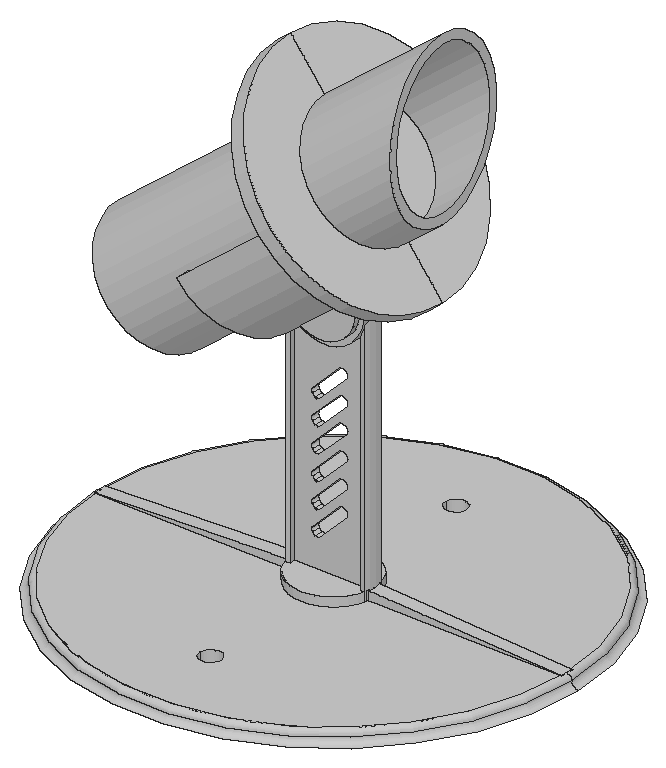
Revit family "SMALL UNDERWATER_LKPB0158CW.20", category Luminarias, Revit 2019
Family settings
  Cota de conector redondo = Diámetro de uso
  Tipo de pieza = Normal
  Se basa en plano de trabajo = Sí
  Siempre vertical = No
  Corte con vacíos al cargar = No
  Origen de luz = Sí
  Compartido = No
  Punto de cálculo de habitación = No
Parameters (values of type "SUB_LKPB0158CW.20")
  Ángulo de inclinación = 60.00°
  Zone [instance] = ""
  Watt per fixture = 2.6
  Wattage = 2.6 W
  built-in parameter 1150107 = 6000 (stored number, unit not read)
  built-in parameter 1150110 = 1 (stored number, unit not read)
  built-in parameter 1150109 = 1 (stored number, unit not read)
  built-in parameter 1150112 = 1 (stored number, unit not read)
  built-in parameter 1150113 = 1 (stored number, unit not read)
  built-in parameter 1114218 = 1 (stored number, unit not read)
  Keynote = ""
  built-in parameter 1150142 = "IESNA:LM-63-1995\r\n[TEST] SMALL UNDERWATER\r\n[DATE] 2016/12/13\r\n[MANUFAC] BRILLANTE ILUMINACION\r\n[LUMCAT] SMALL UNDERWATER\r\n[LUMINAIRE] LKPB0158CW\r\n[LAMPCAT] SMALL UNDERWATER\r\n[LAMP] SMALL UNDERWATER 6000°K 20°\r\nTILT=NONE\r\n0 -1 1.0 19 9 1 2 0.000 0.000 0.000\r\n1 1 2.6\r\n0.0 5.0 10.0 15.0 20.0 25.0 30.0 35.0 40.0 45.0 50.0 55.0 60.0 65.0 70.0 75.0 80.0 85.0 90.0\r\n0.0 45.0 90.0 135.0 180.0 225.0 270.0 315.0 360.0 \r\n1012.571 919.579 645.518 309.292 120.132 50.081 25.399 14.953 9.525 6.145 3.994 2.765 1.946 1.434 1.024 0.717 0.410 0.205 0.102\r\n995.468 867.143 547.917 262.795 99.137 53.768 22.326 11.982 7.169 4.711 3.175 2.253 1.639 1.229 0.819 0.512 0.307 0.205 0.102\r\n976.931 717.720 378.626 144.916 56.226 23.146 9.832 5.223 3.585 2.560 1.946 1.536 1.024 0.614 0.307 0.205 0.102 0.102 0.102\r\n994.341 728.474 381.289 150.140 48.954 15.669 5.326 3.175 2.458 2.048 1.741 1.331 0.512 0.205 0.102 0.102 0.102 0.102 0.102\r\n1012.571 814.809 485.137 192.027 61.551 18.844 5.223 2.356 1.946 1.843 1.639 1.229 0.410 0.102 0.102 0.102 0.102 0.102 0.102\r\n995.468 846.865 533.477 201.859 78.347 23.043 8.808 3.892 2.970 2.458 2.048 1.536 0.922 0.307 0.102 0.000 0.102 0.102 0.102\r\n976.931 968.533 747.011 370.228 137.747 53.051 18.230 10.241 5.940 4.097 2.970 2.253 1.639 1.127 0.614 0.307 0.205 0.102 0.102\r\n994.341 993.112 774.355 405.868 151.778 53.051 25.604 14.850 9.627 6.247 4.097 2.765 2.048 1.434 1.127 0.717 0.410 0.205 0.102\r\n1012.571 919.579 645.518 309.292 120.132 50.081 25.399 14.953 9.525 6.145 3.994 2.765 1.946 1.434 1.024 0.717 0.410 0.205 0.102\r\n"
  built-in parameter 1150137 = (empty or 0)
  built-in parameter 1150132 = (empty or 0)
  Modelo = "LKPB0158CW.20"
  Lámpara = "OSRAM"
  built-in parameter 1150105 = 12 (stored number, unit not read)
  built-in parameter 1150102 = (empty or 0)
  built-in parameter 1150106 = 0.12 (stored number, unit not read)
  Lumens = 150.8 lm
  Color Filter = 16777215
  built-in parameter 1114217 = 1 (stored number, unit not read)
  built-in parameter 1150139 = (empty or 0)
  Fabricante = "BRILLANT"
  Default Elevation = 0 mm
  built-in parameter 1150104 = 5.3884 (stored number, unit not read)
  Descripción = "LUMINARIA SUB ACUATICA TIPO PUNTUAL, ACABADO EN ACERO INOXIDABLE, CUPERO MOLDEADO EN CROMO, SELLO DE SILICON, VIDRIO TEMPLADO DE 7MM, 1 LED TIPO OSRAM CON UN CONSUMO TOTAL DE 2.6W, 174 LUMENES CON  UNA TEMPERATURA EN BLANCO CALIDO 6000K, IP 68, IK 06, SUMERGIBLE MAXIMO 2M, CABLE H07RN DE 3M, APERTURA A 20 GRADOS, ALIMENTADA A 24V. REQUIERE ACCESORIOS."
  built-in parameter 1150115 = 1 (stored number, unit not read)
  built-in parameter 1150114 = 1 (stored number, unit not read)
  Comentarios de vataje = "24V"
  built-in parameter 1150138 = (empty or 0)
  built-in parameter 1150134 = 5
  Circuit [instance] = ""
  Dimming Lamp Color Temperature Shift = (empty or 0)
  Archivo de red fotométrica = "SMALL UNDERWATER_LKPB0158CW 20°.IES"
  built-in parameter 1150133 = 10 (stored number, unit not read)
Reference planes
  plane 1 "Centro (Frontal/Posterior)": y = 0
  plane 2: z = 0
  plane 3 "Centro (Izquierda/Derecha)": x = 0
  plane 4: z = 132
  plane 5: z = 3
  plane 6: x = -653.678
  plane 7: x = 600
  plane 8 "inclinado": through (-18.314, -1524, 86.57) normal (0.7771, 0, 0.6293)
Forms (mm)
  Revolve 1, solid, material "Acero Inoxidable"
    sketch origin (0, 0, 0) x (1, 0, 0) y (0, 0, 1)
      loop
        arc (60, 0) -> (58.861, 0.472) -> (58.389, 1.611) r 1.611
        arc (58.389, 1.611) -> (57.982, 2.593) -> (57, 3) r 1.389
        line (57, 3) -> (0, 3) -> (0, 0) -> (60, 0)
      axis (0, 3) -> (0, 0)
    angle from 0 to 360
  Extrusion 2, solid, material "Acero Inoxidable"
    sketch origin (0, 0, 0) x (1, 0, 0) y (0, 1, 0)
      loop
        circle (0, 0) r 10
    from 3 to 5.134
  Extrusion 3, solid, material "Acero Inoxidable"
    sketch origin (0, 0, 0) x (1, 0, 0) y (0, 0, 1)
      loop
        line (-10, 5.134) -> (-57.216, 3) -> (-10, 3) -> (-10, 5.134)
      loop
        line (10, 5.134) -> (10, 3) -> (57.216, 3) -> (10, 5.134)
    from -1.668 to 1.605
  Extrusion 4, void
    sketch origin (0, 0, 0) x (1, 0, 0) y (0, 1, 0)
      loop
        circle (0, 37.605) r 2.589
      loop
        circle (0, -37.605) r 2.589
    from 0 to 3
  Extrusion 5, solid, material "Acero Inoxidable"
    sketch origin (0, 0, 0) x (1, 0, 0) y (0, 1, 0)
      loop
        arc (-9.664, 2.571) -> (-10, 0) -> (-9.664, -2.571) r 10
        line (-9.664, -2.571) -> (-8.527, -2.387)
        arc (-8.527, -2.387) -> (-8.69, -1.699) -> (-8.798, -1) r 8.855
        line (-8.798, -1) -> (8.798, -1)
        arc (8.798, -1) -> (8.69, -1.699) -> (8.527, -2.387) r 8.855
        line (8.527, -2.387) -> (9.664, -2.571)
        arc (9.664, -2.571) -> (10, 0) -> (9.664, 2.571) r 10
        line (9.664, 2.571) -> (8.527, 2.387)
        arc (8.527, 2.387) -> (8.69, 1.699) -> (8.798, 1) r 8.855
        line (8.798, 1) -> (-8.798, 1)
        arc (-8.798, 1) -> (-8.69, 1.699) -> (-8.527, 2.387) r 8.855
        line (-8.527, 2.387) -> (-9.664, 2.571)
    from 3 to 66.238
  Extrusion 6, void
    sketch origin (0, 0, 0) x (1, 0, 0) y (0, 0, 1)
      loop
        arc (-4.236, 44.448) -> (-4.479, 43.861) -> (-4.236, 43.274) r 0.831
        line (-4.236, 43.274) -> (-3.616, 42.653)
        arc (-3.616, 42.653) -> (-3.028, 42.41) -> (-2.441, 42.653) r 0.831
        line (-2.441, 42.653) -> (4.236, 49.33)
        arc (4.236, 49.33) -> (4.479, 49.917) -> (4.236, 50.505) r 0.831
        line (4.236, 50.505) -> (3.616, 51.125)
        arc (3.616, 51.125) -> (3.028, 51.368) -> (2.441, 51.125) r 0.831
        line (2.441, 51.125) -> (-4.236, 44.448)
      loop
        arc (-4.236, 38.355) -> (-4.479, 37.768) -> (-4.236, 37.18) r 0.831
        line (-4.236, 37.18) -> (-3.616, 36.56)
        arc (-3.616, 36.56) -> (-3.028, 36.317) -> (-2.441, 36.56) r 0.831
        line (-2.441, 36.56) -> (4.236, 43.237)
        arc (4.236, 43.237) -> (4.479, 43.824) -> (4.236, 44.411) r 0.831
        line (4.236, 44.411) -> (3.616, 45.032)
        arc (3.616, 45.032) -> (3.028, 45.275) -> (2.441, 45.032) r 0.831
        line (2.441, 45.032) -> (-4.236, 38.355)
      loop
        arc (-4.236, 32.262) -> (-4.479, 31.674) -> (-4.236, 31.087) r 0.831
        line (-4.236, 31.087) -> (-3.616, 30.467)
        arc (-3.616, 30.467) -> (-3.028, 30.223) -> (-2.441, 30.467) r 0.831
        line (-2.441, 30.467) -> (4.236, 37.143)
        arc (4.236, 37.143) -> (4.479, 37.731) -> (4.236, 38.318) r 0.831
        line (4.236, 38.318) -> (3.616, 38.939)
        arc (3.616, 38.939) -> (3.028, 39.182) -> (2.441, 38.939) r 0.831
        line (2.441, 38.939) -> (-4.236, 32.262)
      loop
        arc (-4.236, 26.169) -> (-4.479, 25.581) -> (-4.236, 24.994) r 0.831
        line (-4.236, 24.994) -> (-3.616, 24.373)
        arc (-3.616, 24.373) -> (-3.028, 24.13) -> (-2.441, 24.373) r 0.831
        line (-2.441, 24.373) -> (4.236, 31.05)
        arc (4.236, 31.05) -> (4.479, 31.637) -> (4.236, 32.225) r 0.831
        line (4.236, 32.225) -> (3.616, 32.845)
        arc (3.616, 32.845) -> (3.028, 33.089) -> (2.441, 32.845) r 0.831
        line (2.441, 32.845) -> (-4.236, 26.169)
      loop
        arc (-4.236, 20.075) -> (-4.479, 19.488) -> (-4.236, 18.9) r 0.831
        line (-4.236, 18.9) -> (-3.616, 18.28)
        arc (-3.616, 18.28) -> (-3.028, 18.037) -> (-2.441, 18.28) r 0.831
        line (-2.441, 18.28) -> (4.236, 24.957)
        arc (4.236, 24.957) -> (4.479, 25.544) -> (4.236, 26.132) r 0.831
        line (4.236, 26.132) -> (3.616, 26.752)
        arc (3.616, 26.752) -> (3.028, 26.995) -> (2.441, 26.752) r 0.831
        line (2.441, 26.752) -> (-4.236, 20.075)
      loop
        arc (-4.236, 13.982) -> (-4.479, 13.395) -> (-4.236, 12.807) r 0.831
        line (-4.236, 12.807) -> (-3.616, 12.187)
        arc (-3.616, 12.187) -> (-3.028, 11.944) -> (-2.441, 12.187) r 0.831
        line (-2.441, 12.187) -> (4.236, 18.864)
        arc (4.236, 18.864) -> (4.479, 19.451) -> (4.236, 20.038) r 0.831
        line (4.236, 20.038) -> (3.616, 20.659)
        arc (3.616, 20.659) -> (3.028, 20.902) -> (2.441, 20.659) r 0.831
        line (2.441, 20.659) -> (-4.236, 13.982)
    from -1 to 1
  Extrusion 7, solid, material "Acero Inoxidable"
    sketch origin (0, 0, 0) x (1, 0, 0) y (0, 0, 1)
      loop
        circle (0, 66.238) r 10
    from -2.669 to 2.776
  Extrusion 8, solid, material "Acero Inoxidable"
    sketch origin (0, 0, 0) x (1, 0, 0) y (0, 0, 1)
      loop
        circle (0, 66.238) r 8.527
    from -3.879 to 3.918
  Extrusion 9, solid, material "Acero Inoxidable"
    sketch origin (38.907, 0, 12.732) x (0.809017, 0, 0.587785) y (-0.587785, 0, 0.809017)
      loop
        line (-8.527, 67.314) -> (-8.527, 65.161) -> (8.251, 65.161) -> (8.251, 67.314) -> (-8.527, 67.314)
    from -6.819 to 6.783
  Extrusion 10, solid, material "Acero Inoxidable"
    sketch origin (35.015, 0, 20.714) x (-0.62932, 0, 0.777146) y (0, -1, 0)
      loop
        line (74.745, 16.141) -> (74.745, 20.141)
        arc (74.745, 20.141) -> (54.604, 0) -> (74.745, -20.141) r 20.141
        line (74.745, -20.141) -> (74.745, -16.141)
        arc (74.745, -16.141) -> (58.604, 0) -> (74.745, 16.141) r 16.141
    from -13.208 to 23.085
  Revolve 11, solid, material "Acero Inoxidable"
    sketch origin (-79.16, 0, 96.158) x (0, 0, -1) y (1, 0, 0)
      loop
        line (40.545, 36.817) -> (53.223, 47.084) -> (23.006, 84.399)
        arc (23.006, 84.399) -> (21.888, 84.469) -> (21.99, 85.585) r 0.781
        line (21.99, 85.585) -> (21.482, 86.212)
        arc (21.482, 86.212) -> (20.383, 86.328) -> (20.499, 87.426) r 0.781
        line (20.499, 87.426) -> (19.99, 88.054)
        arc (19.99, 88.054) -> (18.878, 88.186) -> (19.042, 89.294) r 0.781
        line (19.042, 89.294) -> (14.683, 94.676) -> (25.101, 103.113) -> (22.713, 106.062) -> (12.295, 97.626) -> (-11.117, 126.537) -> (-12.562, 125.367) -> (9.217, 98.473) -> (-2.016, 89.376) -> (40.545, 36.817)
      axis (-23.795, 116.271) -> (40.545, 36.817)
    angle from 0 to 360
  Extrusion 12, void
    sketch origin (27.372, 0, 30.152) x (-0.62932, 0, 0.777146) y (0, -1, 0)
      loop
        circle (63.579, 0.01) r 16.073
      loop
        circle (63.579, 0.01) r 15.534
    from -43.944 to -35.873
  Extrusion 13, void
    sketch origin (0, 0, 0) x (1, 0, 0) y (0, 0, 1)
      loop
        line (26.844, 132.631) -> (26.844, 87.631) -> (51.844, 87.631) -> (51.844, 132.631) -> (26.844, 132.631)
    from -20.591 to 22.166
  Extrusion 14, solid, material "Acero Inoxidable"
    sketch origin (11.387, 0, 49.892) x (-0.62932, 0, 0.777146) y (0, -1, 0)
      loop
        line (37.201, -5) -> (41.531, -2.5) -> (41.531, 2.5) -> (37.201, 5) -> (32.871, 2.5) -> (32.871, -2.5) -> (37.201, -5)
    from -41.395 to -38.156
  Extrusion 15, solid, material "Plastico"
    sketch origin (11.387, 0, 49.892) x (-0.62932, 0, 0.777146) y (0, -1, 0)
      loop
        circle (37.201, 0) r 2.706
    from -48.927 to -41.395
Cuts and joins
  Extrusion 4 cuts Revolve 1
  Extrusion 6 cuts Extrusion 5
  Extrusion 12, Extrusion 13 cuts Revolve 11
  Extrusion 12 cuts Extrusion 7
  Extrusion 12 cuts Extrusion 10
Dimensions and locks
  plane 4 to plane 2 = 132 mm
  plane 4 to level = 132 mm
  plane 5 to level = 3 mm
  Revolve 11 sketch curve to Revolve 11 sketch curve = 16.314 mm
  Revolve 11 sketch curve to Revolve 11 sketch curve = 102.238 mm
  cut or joined group of Revolve 11, Extrusion 12, Extrusion 13 to cut or joined group of Revolve 11, Extrusion 12, Extrusion 13 = 102.238 mm
  Revolve 11 sketch curve to Revolve 11 sketch curve = 29.719 mm
  Extrusion 10 sketch curve to Extrusion 10 sketch curve = 4 mm
  aligned and locked: level to plane 2
  aligned and locked: Extrusion 5 to Extrusion 6  (x2)
Connectors
  electrical at (-50.047, 0, 48.012)
    settings: on Extrusion 15, index 1, voltage 24 V, apparent load 0 VA, apparent load phase1 0 VA, apparent load phase2 0 VA, apparent load phase3 0 VA, power factor 1, load classification "Otro", number of poles 1, system type 31, power factor state 1, is connector primary yes, connector utility no, sub classification motor no, connector description ""
